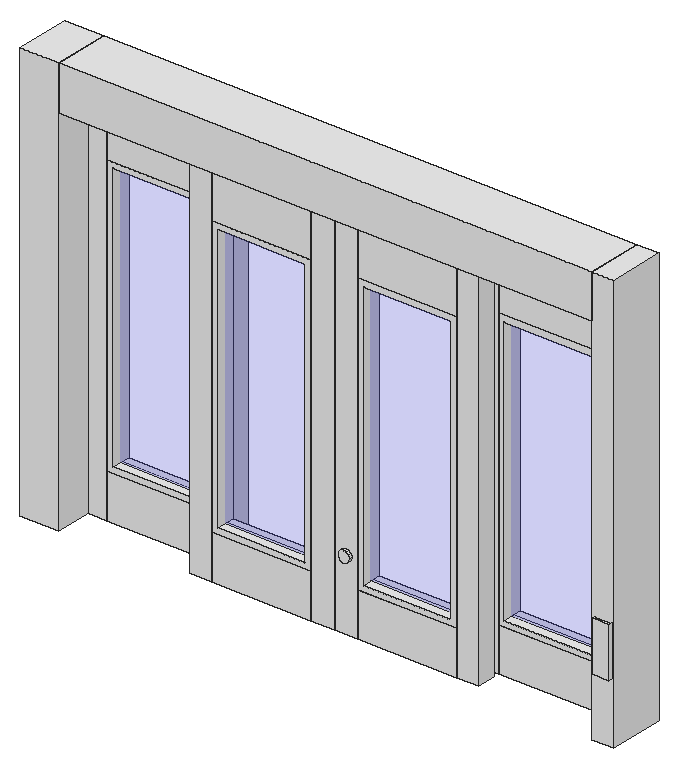
Revit family
Parameters (values of type "Custom Size")
  z Window Offset [instance] = z Wall Face Distance + Window Offset  # 58.000"
  z Wall Face Distance [instance] = 58.000"
  z Glass Width [instance] = if(Has 0.25 In. Glass, 0.250", if(Has 0.875 In. Glass, 0.875", if(Has 0.75 In. Glass, 0.750", if(Has 0.625 In. Glass, 0.625", if(Has 0.5625 In. Glass, 0.563", if(Has 0.50 In. Glass, 0.500", if(Has 1 In. Glass, 1.000", 0.250")))))))  # 0.250"
  z Glass Thickness [instance] = if(Has 0.25 In. Glass, 0.125", if(Has 0.875 In. Glass, 0.438", if(Has 0.75 In. Glass, 0.375", if(Has 0.625 In. Glass, 0.313", if(Has 0.5625 In. Glass, 0.281", if(Has 0.50 In. Glass, 0.250", if(Has 1 In. Glass, 0.500", 0.125")))))))  # 0.125"
  z Glass Stop Width [instance] = if(z Glass Width > 0.250", 1.000", 0.500")  # 0.500"
  Window Offset [instance] = 0.000"
  URL = "http://www.nabcoentrances.com"
  Show Arrows [instance] = no
  Provide Feedback = "https://www.surveymonkey.com/s/ND6LGB7"
  Product Material = Aluminum - NABCO - Clear
  Product Documentation Link = "http://www.nabcoentrances.com/uploaded_items/GT1500-02-A%20Bi-Part%20Automatic%20Conv%20Window%208-27-10.pdf"
  Part Number = "GT1500-02-A"  # constant formula
  Part Description = Description  # "Automatic slide, bi-part"
  Original Creation Date = "March 8, 2012"  # constant formula
  Model ID = "9B29FABA-747D-4EA0-8736-38FF14BED19F"  # constant formula
  Model Disclaimer = "This model represents a highly customizable product.  Contact NABCO Entrances Inc. for more information"  # constant formula
  Model = Part Number  # "GT1500-02-A"
  Manufacturer = "NABCO Entrances Inc."  # constant formula
  Is Void = yes
  Height = 37.750"
  Has 1 In. Glass [instance] = no
  Has 0.875 In. Glass [instance] = no
  Has 0.75 In. Glass [instance] = no
  Has 0.625 In. Glass [instance] = no
  Has 0.5625 In. Glass [instance] = no
  Has 0.50 In. Glass [instance] = no
  Has 0.25 In. Glass [instance] = yes
  Glass Thickness [instance] = if(if(Has 0.25 In. Glass, 1, 0) + if(Has 0.50 In. Glass, 1, 0) + if(Has 0.5625 In. Glass, 1, 0) + if(Has 0.625 In. Glass, 1, 0) + if(Has 0.75 In. Glass, 1, 0) + if(Has 0.875 In. Glass, 1, 0) + if(Has 1 In. Glass, 1, 0) > 1, "ERROR: Select Only One Glass Option", if(if(Has 0.25 In. Glass, 1, 0) + if(Has 0.50 In. Glass, 1, 0) + if(Has 0.5625 In. Glass, 1, 0) + if(Has 0.625 In. Glass, 1, 0) + if(Has 0.75 In. Glass, 1, 0) + if(Has 0.875 In. Glass, 1, 0) + if(Has 1 In. Glass, 1, 0) < 1, "ERROR: Select a Glass Option", if(Has 0.25 In. Glass, "0.25 In.", if(Has 0.875 In. Glass, "0.875 In.", if(Has 0.75 In. Glass, "0.75 In.", if(Has 0.625 In. Glass, "0.625 In.", if(Has 0.5625 In. Glass, "0.5625 In.", if(Has 0.50 In. Glass, "0.5 In.", if(Has 1 In. Glass, "1 In.", "ERROR: Select a Glass Option")))))))))  # "0.25 In."
  Family Version = "1.0.0"  # constant formula
  Equipment Number [instance] = ""
  Equipment Abbreviation = "ASW"
  Description = "Automatic slide, bi-part"
  Default Sill Height = 36.000"
  Wall Closure = (empty or 0)
  Width = 53.500"  # constant formula
  Date Last Modified = "March 9, 2012"  # constant formula
  Copyright = "Copyright © NABCO Entrances Inc."  # constant formula
Types (4): name | Height
  (no name) | 43.750"
  53.5" x 37.75" | 37.750"
  53.5 x 43.75" | 43.750"
  Custom Size | 37.750"
Reference planes (in)
  plane 1 "Center (Front/Back)": y = 0
  plane 2: z = 0
  plane 3 "Center (Left/Right)": x = 0
  plane 4 "Left": x = -26.75
  plane 5 "Right": x = 26.75
  plane 6 "Sill": z = 36
  plane 7 "Top": z = 73.75
  plane 8 "Exterior Center": y = 2.125
  plane 9 "Exterior Exterior": y = 3
  plane 10 "Exterior Interior": y = 1.25
  plane 11: y = 2.25
  plane 12: y = 2
  plane 13: x = -21.5
  plane 14: x = -21
  plane 15 "Center Left": x = -11.25
  plane 16: x = -10.25
  plane 17: x = -9.75
  plane 18: x = 23
  plane 19: x = 22.5
  plane 20 "Center Right": x = 12.75
  plane 21: x = 14.25
  plane 22: x = 13.75
  plane 23: y = -0.125
  plane 24: y = 0.75
  plane 25: y = -1
  plane 26: y = 0
  plane 27: y = -0.25
  plane 28: x = -12.75
  plane 29: x = -12.25
  plane 30: x = -1.875
  plane 31: x = -1.375
  plane 32: x = 11.75
  plane 33: x = 11.25
  plane 34: x = 3.375
  plane 35: x = 2.875
  plane 36: z = 69.75
  plane 37: x = -23.25
  plane 38: x = 24.75
  plane 39 "CENTER": x = 0.75
  plane 40: y = -2
  plane 41: z = 40
  plane 42: z = 65.125
  plane 43: z = 64.625
  plane 44: z = 40.5
  plane 45 "Window Exterior": y = 3
  plane 46 "Offset Reference": y = 61
Forms (in)
  Sweep 1, solid, material "Aluminum - NABCO - Clear" <- "Product Material"
    path origin (0, 0, 0) x (1, 0, 0) y (0, 0, 1)
      loop
        line (-23.25, 73.75) -> (24.75, 73.75)
    profile origin (0.75, 0, 73.75) x (0, 0, 1) y (0, -1, 0)
      loop
        line (0, -3) -> (0, 2) -> (-4, 2) -> (-4, -3) -> (0, -3)
  Sweep 2, solid, material "Aluminum - NABCO - Clear" <- "Product Material"
    path origin (0, 0, 0) x (1, 0, 0) y (0, 0, 1)
      loop
        line (-26.75, 36) -> (-26.75, 73.75)
    profile origin (-26.75, 0, 54.875) x (-1, 0, 0) y (0, -1, 0)
      loop
        line (0, -3) -> (0, 2) -> (-3.5, 2) -> (-3.5, -3) -> (0, -3)
  Sweep 3, solid, material "Aluminum - NABCO - Clear" <- "Product Material"
    path origin (0, 0, 0) x (1, 0, 0) y (0, 0, 1)
      loop
        line (26.75, 36) -> (26.75, 73.75)
    profile origin (26.75, 0, 54.875) x (-1, 0, 0) y (0, -1, 0)
      loop
        line (2, -3) -> (2, 2) -> (0, 2) -> (0, -3) -> (2, -3)
  Sweep 4, solid, material "Aluminum - NABCO - Clear" <- "Product Material"
    path origin (0, 0, 0) x (1, 0, 0) y (0, 0, 1)
      loop
        line (-23.25, 36) -> (-23.25, 69.75)
    profile origin (-23.25, 0, 52.875) x (-1, 0, 0) y (0, -1, 0)
      loop
        line (0, -3) -> (0, -1.25) -> (-1.75, -1.25) -> (-1.75, -3) -> (0, -3)
  Sweep 5, solid, material "Aluminum - NABCO - Clear" <- "Product Material"
    path origin (0, 0, 0) x (1, 0, 0) y (0, 0, 1)
      loop
        line (-11.25, 36) -> (-11.25, 69.75)
    profile origin (-11.25, 0, 52.875) x (-1, 0, 0) y (0, -1, 0)
      loop
        line (1, -3) -> (1, -1.25) -> (-1, -1.25) -> (-1, -3) -> (1, -3)
  Sweep 6, solid, material "Aluminum - NABCO - Clear" <- "Product Material"
    path origin (0, 0, 0) x (1, 0, 0) y (0, 0, 1)
      loop
        line (-11.25, 69.75) -> (-11.25, 36)
    profile origin (-11.25, 0, 52.875) x (0, -1, 0) y (1, 0, 0)
      loop
        line (-0.75, -1) -> (1, -1) -> (1, 1) -> (-0.75, 1) -> (-0.75, -1)
  Sweep 7, solid, material "Aluminum - NABCO - Clear" <- "Product Material"
    path origin (0, 0, 0) x (1, 0, 0) y (0, 0, 1)
      loop
        line (0.75, 36) -> (0.75, 69.75)
    profile origin (0.75, 0, 52.875) x (-1, 0, 0) y (0, -1, 0)
      loop
        line (2.125, -0.75) -> (2.125, 1) -> (0, 1) -> (0, -0.75) -> (2.125, -0.75)
  Sweep 8, solid, material "Aluminum - NABCO - Clear" <- "Product Material"
    path origin (0, 0, 0) x (1, 0, 0) y (0, 0, 1)
      loop
        line (0.75, 36) -> (0.75, 69.75)
    profile origin (0.75, 0, 52.875) x (-1, 0, 0) y (0, -1, 0)
      loop
        line (0, -0.75) -> (0, 1) -> (-2.125, 1) -> (-2.125, -0.75) -> (0, -0.75)
  Sweep 9, solid, material "Aluminum - NABCO - Clear" <- "Product Material"
    path origin (0, 0, 0) x (1, 0, 0) y (0, 0, 1)
      loop
        line (12.75, 36) -> (12.75, 69.75)
    profile origin (12.75, 0, 52.875) x (-1, 0, 0) y (0, -1, 0)
      loop
        line (1, -0.75) -> (1, 1) -> (-1, 1) -> (-1, -0.75) -> (1, -0.75)
  Sweep 10, solid, material "Aluminum - NABCO - Clear" <- "Product Material"
    path origin (0, 0, 0) x (1, 0, 0) y (0, 0, 1)
      loop
        line (12.75, 36) -> (12.75, 69.75)
    profile origin (12.75, 0, 52.875) x (-1, 0, 0) y (0, -1, 0)
      loop
        line (1, -3) -> (1, -1.25) -> (-1, -1.25) -> (-1, -3) -> (1, -3)
  Sweep 11, solid, material "Aluminum - NABCO - Clear" <- "Product Material"
    path origin (0, 0, 0) x (1, 0, 0) y (0, 0, 1)
      loop
        line (24.75, 36) -> (24.75, 69.75)
    profile origin (24.75, 0, 52.875) x (-1, 0, 0) y (0, -1, 0)
      loop
        line (1.75, -3) -> (1.75, -1.25) -> (0, -1.25) -> (0, -3) -> (1.75, -3)
  Sweep 12, solid, material "Aluminum - NABCO - Clear" <- "Product Material"
    path origin (0, 0, 0) x (1, 0, 0) y (0, 0, 1)
      loop
        line (-21.5, 36) -> (-12.25, 36)
    profile origin (-16.875, 0, 36) x (0, 0, 1) y (0, -1, 0)
      loop
        line (4, -1.25) -> (0, -1.25) -> (0, -3) -> (4, -3) -> (4, -1.25)
  Sweep 13, solid, material "Aluminum - NABCO - Clear" <- "Product Material"
    path origin (0, 0, 0) x (1, 0, 0) y (0, 0, 1)
      loop
        line (-10.25, 36) -> (-1.375, 36)
    profile origin (-5.8125, 0, 36) x (0, 0, 1) y (0, -1, 0)
      loop
        line (4, -0.75) -> (4, 1) -> (0, 1) -> (0, -0.75) -> (4, -0.75)
  Sweep 14, solid, material "Aluminum - NABCO - Clear" <- "Product Material"
    path origin (0, 0, 0) x (1, 0, 0) y (0, 0, 1)
      loop
        line (2.875, 36) -> (11.75, 36)
    profile origin (7.3125, 0, 36) x (0, 0, 1) y (0, -1, 0)
      loop
        line (4, -0.75) -> (4, 1) -> (0, 1) -> (0, -0.75) -> (4, -0.75)
  Sweep 15, solid, material "Aluminum - NABCO - Clear" <- "Product Material"
    path origin (0, 0, 0) x (1, 0, 0) y (0, 0, 1)
      loop
        line (13.75, 36) -> (23, 36)
    profile origin (18.375, 0, 36) x (0, 0, 1) y (0, -1, 0)
      loop
        line (4, -1.25) -> (0, -1.25) -> (0, -3) -> (4, -3) -> (4, -1.25)
  Sweep 16, solid, material "Aluminum - NABCO - Clear" <- "Product Material"
    path origin (0, 0, 0) x (1, 0, 0) y (0, 0, 1)
      loop
        line (-21.5, 69.75) -> (-12.25, 69.75)
    profile origin (-16.875, 0, 69.75) x (0, 0, 1) y (0, -1, 0)
      loop
        line (0, -3) -> (0, -1.25) -> (-4.625, -1.25) -> (-4.625, -3) -> (0, -3)
  Sweep 17, solid, material "Aluminum - NABCO - Clear" <- "Product Material"
    path origin (0, 0, 0) x (1, 0, 0) y (0, 0, 1)
      loop
        line (-10.25, 69.75) -> (-1.375, 69.75)
    profile origin (-5.8125, 0, 69.75) x (0, 0, 1) y (0, -1, 0)
      loop
        line (0, -0.75) -> (0, 1) -> (-4.625, 1) -> (-4.625, -0.75) -> (0, -0.75)
  Sweep 18, solid, material "Aluminum - NABCO - Clear" <- "Product Material"
    path origin (0, 0, 0) x (1, 0, 0) y (0, 0, 1)
      loop
        line (2.875, 69.75) -> (11.75, 69.75)
    profile origin (7.3125, 0, 69.75) x (0, 0, 1) y (0, -1, 0)
      loop
        line (0, -0.75) -> (0, 1) -> (-4.625, 1) -> (-4.625, -0.75) -> (0, -0.75)
  Sweep 19, solid, material "Aluminum - NABCO - Clear" <- "Product Material"
    path origin (0, 0, 0) x (1, 0, 0) y (0, 0, 1)
      loop
        line (13.75, 69.75) -> (23, 69.75)
    profile origin (18.375, 0, 69.75) x (0, 0, 1) y (0, -1, 0)
      loop
        line (0, -3) -> (0, -1.25) -> (-4.625, -1.25) -> (-4.625, -3) -> (0, -3)
  Sweep 20, solid, material "Aluminum - NABCO - Clear" <- "Product Material"
    path origin (0, 0, 0) x (1, 0, 0) y (0, 0, 1)
      loop
        line (-21, 64.625) -> (-21, 40.5) -> (-12.75, 40.5) -> (-12.75, 64.625) -> (-21, 64.625)
    profile origin (-16.875, 0, 64.625) x (0, 0, 1) y (0, -1, 0)
      loop
        line (0.5, -3) -> (0.5, -1.25) -> (0, -1.25) -> (0, -3) -> (0.5, -3)
  Sweep 21, solid, material "Aluminum - NABCO - Clear" <- "Product Material"
    path origin (0, 0, 0) x (1, 0, 0) y (0, 0, 1)
      loop
        line (-9.75, 64.625) -> (-9.75, 40.5) -> (-1.875, 40.5) -> (-1.875, 64.625) -> (-9.75, 64.625)
    profile origin (-5.8125, 0, 64.625) x (0, 0, 1) y (0, -1, 0)
      loop
        line (0.5, -0.75) -> (0.5, 1) -> (0, 1) -> (0, -0.75) -> (0.5, -0.75)
  Sweep 22, solid, material "Aluminum - NABCO - Clear" <- "Product Material"
    path origin (0, 0, 0) x (1, 0, 0) y (0, 0, 1)
      loop
        line (3.375, 64.625) -> (3.375, 40.5) -> (11.25, 40.5) -> (11.25, 64.625) -> (3.375, 64.625)
    profile origin (7.3125, 0, 64.625) x (0, 0, 1) y (0, -1, 0)
      loop
        line (0.5, -0.75) -> (0.5, 1) -> (0, 1) -> (0, -0.75) -> (0.5, -0.75)
  Sweep 23, solid, material "Aluminum - NABCO - Clear" <- "Product Material"
    path origin (0, 0, 0) x (1, 0, 0) y (0, 0, 1)
      loop
        line (14.25, 64.625) -> (14.25, 40.5) -> (22.5, 40.5) -> (22.5, 64.625) -> (14.25, 64.625)
    profile origin (18.375, 0, 64.625) x (0, 0, 1) y (0, -1, 0)
      loop
        line (0.5, -3) -> (0.5, -1.25) -> (0, -1.25) -> (0, -3) -> (0.5, -3)
  Extrusion 24, solid, material "Glass"
    sketch origin (0, 0, 0) x (1, 0, 0) y (0, 0, 1)
      loop
        line (-21, 64.625) -> (-21, 40.5) -> (-12.75, 40.5) -> (-12.75, 64.625) -> (-21, 64.625)
      loop
        line (14.25, 40.5) -> (22.5, 40.5) -> (22.5, 64.625) -> (14.25, 64.625) -> (14.25, 40.5)
    from -2.25 to -2
  Extrusion 25, solid, material "Glass"
    sketch origin (0, 0, 0) x (1, 0, 0) y (0, 0, 1)
      loop
        line (-9.75, 64.625) -> (-9.75, 40.5) -> (-1.875, 40.5) -> (-1.875, 64.625) -> (-9.75, 64.625)
      loop
        line (3.375, 64.625) -> (3.375, 40.5) -> (11.25, 40.5) -> (11.25, 64.625) -> (3.375, 64.625)
    from 0 to 0.25
  Extrusion 26, solid, material "Paint - NABCO - Blue", visible <- "Show Arrows"
    sketch origin (-61.2284, 0, 48) x (-1, 0, 0) y (0, 0, 1)
      loop
        line (-55.4159, 6.0625) -> (-58.94715, 6.0625) -> (-58.94715, 3.0625) -> (-55.4159, 3.0625) -> (-55.4159, 1.03125) -> (-51.88465, 4.5625) -> (-55.4159, 8.09375) -> (-55.4159, 6.0625)
      loop
        line (-68.5409, 6.0625) -> (-68.5409, 8.09375) -> (-72.07215, 4.5625) -> (-68.5409, 1.03125) -> (-68.5409, 3.0625) -> (-65.00965, 3.0625) -> (-65.00965, 6.0625) -> (-68.5409, 6.0625)
    from 0 to 0.063
  Extrusion 27, solid, material "Aluminum - NABCO - Clear" <- "Product Material", detail levels fine
    sketch origin (-61.2284, -2, 48) x (-1, 0, 0) y (0, 0, 1)
      loop
        line (-87.7284, -6.5) -> (-86.2284, -6.5) -> (-86.2284, -2) -> (-87.7284, -2) -> (-87.7284, -6.5)
    from 0 to -0.25
  Extrusion 28, solid, material "Aluminum - NABCO - Clear" <- "Product Material", detail levels fine
    sketch origin (-61.2284, -1, 48) x (-1, 0, 0) y (0, 0, 1)
      loop
        circle (-63.0409, -5.61418) r 0.5
    from 0 to -0.252
Lines and regions (in)
  Opening 1
    outline origin (-60, -3, 0) x (1, 0, 0) y (0, 0, 1)
      loop
        line (33.25, 73.75) -> (33.25, 36) -> (86.75, 36) -> (86.75, 73.75) -> (33.25, 73.75)
  Masking region 1
    outline origin (0, 0, 36) x (0, -1, 0) y (1, 0, 0)
      loop
        line (2, -26.75) -> (2, -23.25) -> (-1.25, -23.25) -> (-1.25, -10.25) -> (-3, -10.25) -> (-3, -26.75) -> (2, -26.75)
      loop
        line (-0.75, -12.25) -> (1, -12.25) -> (1, 13.75) -> (-0.75, 13.75) -> (-0.75, -12.25)
      loop
        line (-3, 11.75) -> (-1.25, 11.75) -> (-1.25, 24.75) -> (2, 24.75) -> (2, 26.75) -> (-3, 26.75) -> (-3, 11.75)
  Masking region 2, visible <- "Show Arrows"
    outline origin (0, 0, 0) x (1, 0, 0) y (0, 0, 1)
      loop
        line (-9.34375, 52.5625) -> (-5.8125, 49.03125) -> (-5.8125, 51.0625) -> (-2.28125, 51.0625) -> (-2.28125, 54.0625) -> (-5.8125, 54.0625) -> (-5.8125, 56.09375) -> (-9.34375, 52.5625)
      loop
        line (10.84375, 52.5625) -> (7.3125, 56.09375) -> (7.3125, 54.0625) -> (3.78125, 54.0625) -> (3.78125, 51.0625) -> (7.3125, 51.0625) -> (7.3125, 49.03125) -> (10.84375, 52.5625)
  symbolic lines, style "WindowsFrameMullionProjection", detail levels fine
    curve 1: line (-21.5, 3, 36) -> (-21.5, 1.25, 36)
    curve 2: line (-21, 3, 36) -> (-21, 1.25, 36)
    curve 3: line (-12.75, 3, 36) -> (-12.75, 1.25, 36)
    curve 4: line (-12.25, 3, 36) -> (-12.25, 1.25, 36)
    curve 5: line (-10.25, 0.75, 36) -> (-10.25, -1, 36)
    curve 6: line (-9.75, 0.75, 36) -> (-9.75, -1, 36)
    curve 7: line (-1.875, 0.75, 36) -> (-1.875, -1, 36)
    curve 8: line (-1.375, 0.75, 36) -> (-1.375, -1, 36)
    curve 10: line (2.875, 0.75, 36) -> (2.875, -1, 36)
    curve 11: line (3.375, 0.75, 36) -> (3.375, -1, 36)
    curve 12: line (11.25, 0.75, 36) -> (11.25, -1, 36)
    curve 13: line (11.75, -1, 36) -> (11.75, 0.75, 36)
    curve 14: line (13.75, 1.25, 36) -> (13.75, 3, 36)
    curve 15: line (14.25, 3, 36) -> (14.25, 1.25, 36)
    curve 16: line (22.5, 1.25, 36) -> (22.5, 3, 36)
    curve 17: line (23, 1.25, 36) -> (23, 3, 36)
  symbolic lines, style "WindowsFrameMullionProjection"
    curve 9: line (0.75, 0.75, 36) -> (0.75, -1, 36)
    curve 18: line (24.75, 1.25, 36) -> (24.75, 3, 36)
    curve 35: line (-23.25, 1.25, 0) -> (-23.25, 3, 0)
  symbolic lines, style "WindowsGlassProjection", detail levels fine
    curve 19: line (-21, 2.25, 36) -> (-12.75, 2.25, 36)
    curve 20: line (-21, 2, 36) -> (-21, 2.25, 36)
    curve 21: line (-12.75, 2, 36) -> (-21, 2, 36)
    curve 22: line (-12.75, 2.25, 36) -> (-12.75, 2, 36)
    curve 23: line (-9.75, 0, 36) -> (-1.875, 0, 36)
    curve 24: line (-9.75, -0.25, 36) -> (-9.75, 0, 36)
    curve 25: line (-1.875, -0.25, 36) -> (-9.75, -0.25, 36)
    curve 26: line (-1.875, 0, 36) -> (-1.875, -0.25, 36)
    curve 27: line (3.375, 0, 36) -> (11.25, 0, 36)
    curve 28: line (3.375, -0.25, 36) -> (3.375, 0, 36)
    curve 29: line (11.25, -0.25, 36) -> (3.375, -0.25, 36)
    curve 30: line (11.25, 0, 36) -> (11.25, -0.25, 36)
    curve 31: line (14.25, 2.25, 36) -> (22.5, 2.25, 36)
    curve 32: line (14.25, 2, 36) -> (14.25, 2.25, 36)
    curve 33: line (22.5, 2, 36) -> (14.25, 2, 36)
    curve 34: line (22.5, 2.25, 36) -> (22.5, 2, 36)
Text (in)
  text "EXTERIOR" at (-58.6888, 50.90694, 0), in view "Ref. Level"
  text "INTERIOR" at (-58.6888, -37.76638, 0), in view "Ref. Level"
  text "Exterior" at (0, 43.65631, 123.19604), in view "Left"
  text "Exterior" at (0, 18.29385, 125.04747), in view "Right"
Dimensions and locks (in)
  equal spacing: plane 4 "Left", plane 3 "Center (Left/Right)", plane 5 "Right"
  "Width": plane 4 "Left" to plane 5 "Right"
  "Height": plane 6 "Sill" to plane 7 "Top"
  "Default Sill Height": plane 2 to plane 6 "Sill"
  equal spacing: plane 37, plane 15 "Center Left", plane 39 "CENTER", plane 20 "Center Right", plane 38
  Extrusion 26 sketch curve to Extrusion 26 sketch curve to Extrusion 26 sketch curve to Extrusion 26 sketch curve to Extrusion 26 sketch curve = 2.03125", 1.500", 1.500", 2.03125"  (x2)
  Extrusion 26 sketch curve to Extrusion 26 sketch curve to Extrusion 26 sketch curve = 3.53125", 3.53125"  (x2)
  equal spacing: plane 17, Extrusion 26 sketch curve, plane 30
  equal spacing: plane 33, Extrusion 26 sketch curve, plane 34
  equal spacing: plane 43, Extrusion 26 sketch curve, plane 44
  equal spacing: Masking region 2 sketch curve, Masking region 2 sketch curve, Masking region 2 sketch curve  (x2)
  equal spacing: plane 17, Masking region 2 sketch curve, plane 30
  Masking region 2 sketch curve to Masking region 2 sketch curve to Masking region 2 sketch curve to Masking region 2 sketch curve to Masking region 2 sketch curve = 2.03125" locked, 1.500" locked, 1.500" locked, 2.03125" locked  (x2)
  equal spacing: plane 33, Masking region 2 sketch curve, plane 34
  equal spacing: plane 43, Masking region 2 sketch curve, plane 44
  plane 45 "Window Exterior" to plane 8 "Exterior Center" to plane 10 "Exterior Interior" to plane 24 to plane 23 to plane 25 to plane 40 = 0.875" locked, 0.875" locked, 0.500" locked, 0.875" locked, 0.875" locked, 1.000" locked
  "z Glass Thickness": plane 11 to plane 8 "Exterior Center"
  "z Glass Thickness": plane 8 "Exterior Center" to plane 12
  "z Glass Thickness": plane 26 to plane 23
  "z Glass Thickness": plane 23 to plane 27
  "z Glass Stop Width": plane 13 to plane 14
  "z Glass Stop Width": plane 28 to plane 29
  "z Glass Stop Width": plane 16 to plane 17
  "z Glass Stop Width": plane 30 to plane 31
  "z Glass Stop Width": plane 35 to plane 34
  "z Glass Stop Width": plane 33 to plane 32
  "z Glass Stop Width": plane 22 to plane 21
  "z Glass Stop Width": plane 19 to plane 18
  plane 29 to plane 15 "Center Left" to plane 16 = 1.000" locked, 1.000" locked
  plane 31 to plane 39 "CENTER" to plane 35 = 2.125" locked, 2.125" locked
  plane 32 to plane 20 "Center Right" to plane 22 = 1.000" locked, 1.000" locked
  plane 18 to plane 38 to plane 5 "Right" = 1.750" locked, 2.000" locked
  "z Glass Stop Width": plane 43 to plane 42
  "z Glass Stop Width": plane 41 to plane 44
  plane 7 "Top" to plane 36 to plane 42 = 4.000" locked, 4.625" locked
  locked: plane 41 to plane 6 "Sill" at 4
  "z Wall Face Distance": plane 46 "Offset Reference" to host wall
  "z Window Offset": plane 46 "Offset Reference" to plane 45 "Window Exterior"
  aligned and locked: plane 7 "Top" to Opening 1 sketch curve
  aligned and locked: plane 6 "Sill" to Opening 1 sketch curve  (x2)
  aligned and locked: plane 5 "Right" to Opening 1 sketch curve
  aligned and locked: plane 4 "Left" to Opening 1 sketch curve
  aligned and locked: level to plane 2
  aligned and locked: plane 9 "Exterior Exterior" to host wall
  aligned and locked: plane 38 to Sweep 1 sketch curve
  aligned and locked: plane 37 to Sweep 1 sketch curve
  aligned and locked: plane 7 "Top" to Sweep 1 sketch curve  (x2)
  aligned and locked: plane 40 to Sweep 1 sketch curve
  aligned and locked: plane 36 to Sweep 1 sketch curve
  aligned and locked: plane 7 "Top" to Sweep 2 sketch curve
  aligned and locked: plane 6 "Sill" to Sweep 2 sketch curve
  aligned and locked: Sweep 2 sketch curve to plane 4 "Left"  (x2)
  aligned and locked: plane 37 to Sweep 2 sketch curve
  aligned and locked: plane 40 to Sweep 2 sketch curve
  aligned and locked: plane 7 "Top" to Sweep 3 sketch curve
  aligned and locked: plane 6 "Sill" to Sweep 3 sketch curve
  aligned and locked: Sweep 3 sketch curve to plane 5 "Right"
  aligned and locked: plane 40 to Sweep 3 sketch curve
  aligned and locked: Sweep 3 sketch curve to plane 38
  aligned and locked: plane 5 "Right" to Sweep 3 sketch curve
  aligned and locked: plane 6 "Sill" to Sweep 4 sketch curve
  aligned and locked: plane 36 to Sweep 4 sketch curve
  aligned and locked: Sweep 4 sketch curve to plane 37  (x2)
  aligned and locked: plane 10 "Exterior Interior" to Sweep 4 sketch curve
  aligned and locked: plane 13 to Sweep 4 sketch curve
  aligned and locked: plane 6 "Sill" to Sweep 5 sketch curve
  aligned and locked: Sweep 5 sketch curve to plane 15 "Center Left"
  aligned and locked: Sweep 5 sketch curve to plane 29
  aligned and locked: plane 16 to Sweep 5 sketch curve
  aligned and locked: plane 10 "Exterior Interior" to Sweep 5 sketch curve
  aligned and locked: plane 36 to Sweep 5 sketch curve
  aligned and locked: plane 6 "Sill" to Sweep 6 sketch curve
  aligned and locked: plane 36 to Sweep 6 sketch curve
  aligned and locked: plane 15 "Center Left" to Sweep 6 sketch curve
  aligned and locked: plane 16 to Sweep 6 sketch curve
  aligned and locked: Sweep 6 sketch curve to plane 29
  aligned and locked: plane 25 to Sweep 6 sketch curve
  aligned and locked: Sweep 6 sketch curve to plane 24
  aligned and locked: plane 36 to Sweep 7 sketch curve
  aligned and locked: plane 6 "Sill" to Sweep 7 sketch curve
  aligned and locked: Sweep 7 sketch curve to plane 39 "CENTER"
  aligned and locked: Sweep 7 sketch curve to plane 31
  aligned and locked: Sweep 7 sketch curve to plane 24
  aligned and locked: plane 39 "CENTER" to Sweep 7 sketch curve
  aligned and locked: plane 25 to Sweep 7 sketch curve
  aligned and locked: plane 6 "Sill" to Sweep 8 sketch curve
  aligned and locked: plane 36 to Sweep 8 sketch curve
  aligned and locked: Sweep 8 sketch curve to plane 39 "CENTER"  (x2)
  aligned and locked: Sweep 8 sketch curve to plane 35
  aligned and locked: plane 25 to Sweep 8 sketch curve
  aligned and locked: Sweep 8 sketch curve to plane 24
  aligned and locked: plane 36 to Sweep 9 sketch curve
  aligned and locked: plane 6 "Sill" to Sweep 9 sketch curve
  aligned and locked: plane 20 "Center Right" to Sweep 9 sketch curve
  aligned and locked: plane 32 to Sweep 9 sketch curve
  aligned and locked: plane 25 to Sweep 9 sketch curve
  aligned and locked: Sweep 9 sketch curve to plane 22
  aligned and locked: Sweep 9 sketch curve to plane 24
  aligned and locked: plane 36 to Sweep 10 sketch curve
  aligned and locked: plane 6 "Sill" to Sweep 10 sketch curve
  aligned and locked: plane 20 "Center Right" to Sweep 10 sketch curve
  aligned and locked: plane 10 "Exterior Interior" to Sweep 10 sketch curve
  aligned and locked: Sweep 10 sketch curve to plane 22
  aligned and locked: plane 32 to Sweep 10 sketch curve
  aligned and locked: plane 36 to Sweep 11 sketch curve
  aligned and locked: plane 6 "Sill" to Sweep 11 sketch curve
  aligned and locked: Sweep 11 sketch curve to plane 38
  aligned and locked: plane 38 to Sweep 11 sketch curve
  aligned and locked: plane 18 to Sweep 11 sketch curve
  aligned and locked: plane 10 "Exterior Interior" to Sweep 11 sketch curve
  aligned and locked: plane 13 to Sweep 12 sketch curve
  aligned and locked: plane 29 to Sweep 12 sketch curve
  aligned and locked: plane 6 "Sill" to Sweep 12 sketch curve
  aligned and locked: plane 10 "Exterior Interior" to Sweep 12 sketch curve
  aligned and locked: Sweep 12 sketch curve to plane 6 "Sill"
  aligned and locked: Sweep 12 sketch curve to plane 41
  aligned and locked: plane 16 to Sweep 13 sketch curve
  aligned and locked: plane 31 to Sweep 13 sketch curve
  aligned and locked: plane 6 "Sill" to Sweep 13 sketch curve
  aligned and locked: Sweep 13 sketch curve to plane 24
  aligned and locked: Sweep 13 sketch curve to plane 41
  aligned and locked: plane 25 to Sweep 13 sketch curve
  aligned and locked: Sweep 13 sketch curve to plane 6 "Sill"
  aligned and locked: plane 35 to Sweep 14 sketch curve
  aligned and locked: plane 32 to Sweep 14 sketch curve
  aligned and locked: plane 6 "Sill" to Sweep 14 sketch curve
  aligned and locked: plane 25 to Sweep 14 sketch curve
  aligned and locked: Sweep 14 sketch curve to plane 24
  aligned and locked: Sweep 14 sketch curve to plane 6 "Sill"
  aligned and locked: Sweep 14 sketch curve to plane 41
  aligned and locked: plane 22 to Sweep 15 sketch curve
  aligned and locked: plane 18 to Sweep 15 sketch curve
  aligned and locked: plane 6 "Sill" to Sweep 15 sketch curve
  aligned and locked: Sweep 15 sketch curve to plane 6 "Sill"
  aligned and locked: Sweep 15 sketch curve to plane 41
  aligned and locked: plane 10 "Exterior Interior" to Sweep 15 sketch curve
  aligned and locked: plane 13 to Sweep 16 sketch curve
  aligned and locked: plane 29 to Sweep 16 sketch curve
  aligned and locked: Sweep 16 sketch curve to plane 36  (x2)
  aligned and locked: plane 42 to Sweep 16 sketch curve
  aligned and locked: plane 16 to Sweep 17 sketch curve
  aligned and locked: plane 31 to Sweep 17 sketch curve
  aligned and locked: plane 42 to Sweep 17 sketch curve
  aligned and locked: Sweep 17 sketch curve to plane 36  (x2)
  aligned and locked: plane 35 to Sweep 18 sketch curve
  aligned and locked: plane 32 to Sweep 18 sketch curve
  aligned and locked: Sweep 18 sketch curve to plane 24
  aligned and locked: plane 25 to Sweep 18 sketch curve
  aligned and locked: Sweep 18 sketch curve to plane 36  (x2)
  aligned and locked: plane 42 to Sweep 18 sketch curve
  aligned and locked: plane 22 to Sweep 19 sketch curve
  aligned and locked: plane 18 to Sweep 19 sketch curve
  aligned and locked: Sweep 19 sketch curve to plane 36  (x2)
  aligned and locked: plane 10 "Exterior Interior" to Sweep 19 sketch curve
  aligned and locked: plane 42 to Sweep 19 sketch curve
  aligned and locked: Sweep 17 sketch curve to plane 25
  aligned and locked: plane 24 to Sweep 17 sketch curve
  aligned and locked: Sweep 16 sketch curve to plane 10 "Exterior Interior"
  aligned and locked: Sweep 20 sketch curve to plane 43
  aligned and locked: Sweep 20 sketch curve to plane 14
  aligned and locked: plane 44 to Sweep 20 sketch curve
  aligned and locked: plane 28 to Sweep 20 sketch curve
  aligned and locked: plane 43 to Sweep 20 sketch curve
  aligned and locked: Sweep 20 sketch curve to plane 42
  aligned and locked: Sweep 20 sketch curve to plane 10 "Exterior Interior"
  aligned and locked: Sweep 21 sketch curve to plane 43
  aligned and locked: Sweep 21 sketch curve to plane 17
  aligned and locked: plane 44 to Sweep 21 sketch curve
  aligned and locked: plane 30 to Sweep 21 sketch curve
  aligned and locked: Sweep 21 sketch curve to plane 42
  aligned and locked: plane 43 to Sweep 21 sketch curve
  aligned and locked: plane 25 to Sweep 21 sketch curve
  aligned and locked: Sweep 21 sketch curve to plane 24
  aligned and locked: Sweep 22 sketch curve to plane 43
  aligned and locked: plane 34 to Sweep 22 sketch curve
  aligned and locked: plane 44 to Sweep 22 sketch curve
  aligned and locked: Sweep 22 sketch curve to plane 33
  aligned and locked: Sweep 22 sketch curve to plane 42
  aligned and locked: plane 43 to Sweep 22 sketch curve
  aligned and locked: plane 25 to Sweep 22 sketch curve
  aligned and locked: Sweep 22 sketch curve to plane 24
  aligned and locked: plane 44 to Sweep 23 sketch curve
  aligned and locked: Sweep 23 sketch curve to plane 19
  aligned and locked: plane 21 to Sweep 23 sketch curve
  aligned and locked: Sweep 23 sketch curve to plane 43
  aligned and locked: plane 43 to Sweep 23 sketch curve
  aligned and locked: Sweep 23 sketch curve to plane 42
  aligned and locked: plane 10 "Exterior Interior" to Sweep 23 sketch curve
  aligned and locked: Extrusion 24 sketch curve to plane 43
  aligned and locked: Extrusion 24 sketch curve to plane 14
  aligned and locked: plane 44 to Extrusion 24 sketch curve
  aligned and locked: plane 28 to Extrusion 24 sketch curve
  aligned and locked: Extrusion 24 sketch curve to plane 44
  aligned and locked: Extrusion 24 sketch curve to plane 21
  aligned and locked: plane 43 to Extrusion 24 sketch curve
  aligned and locked: plane 19 to Extrusion 24 sketch curve
  aligned and locked: plane 11 to Extrusion 24
  aligned and locked: Extrusion 24 to plane 12
  aligned and locked: Extrusion 25 sketch curve to plane 43  (x2)
  aligned and locked: Extrusion 25 sketch curve to plane 17
  aligned and locked: plane 44 to Extrusion 25 sketch curve  (x2)
  aligned and locked: plane 30 to Extrusion 25 sketch curve
  aligned and locked: plane 34 to Extrusion 25 sketch curve
  aligned and locked: Extrusion 25 sketch curve to plane 33
  aligned and locked: plane 26 to Extrusion 25
  aligned and locked: Extrusion 25 to plane 27
  aligned and locked: Masking region 1 sketch curve to plane 4 "Left"
  aligned and locked: plane 40 to Masking region 1 sketch curve  (x2)
  aligned and locked: plane 37 to Masking region 1 sketch curve
  aligned and locked: plane 10 "Exterior Interior" to Masking region 1 sketch curve  (x2)
  aligned and locked: plane 16 to Masking region 1 sketch curve
  aligned and locked: plane 5 "Right" to Masking region 1 sketch curve
  aligned and locked: Masking region 1 sketch curve to plane 38
  aligned and locked: plane 32 to Masking region 1 sketch curve
  aligned and locked: Masking region 1 sketch curve to plane 22
  aligned and locked: Masking region 1 sketch curve to plane 24
  aligned and locked: plane 25 to Masking region 1 sketch curve
  aligned and locked: Masking region 1 sketch curve to plane 29
  aligned and locked: plane 10 "Exterior Interior" to curve 1
  aligned and locked: plane 10 "Exterior Interior" to curve 2
  aligned and locked: plane 10 "Exterior Interior" to curve 3
  aligned and locked: plane 10 "Exterior Interior" to curve 14
  aligned and locked: plane 10 "Exterior Interior" to curve 15
  aligned and locked: plane 10 "Exterior Interior" to curve 16
  aligned and locked: plane 10 "Exterior Interior" to curve 17
  aligned and locked: plane 10 "Exterior Interior" to curve 18
  aligned and locked: plane 24 to curve 6
  aligned and locked: plane 24 to curve 7
  aligned and locked: plane 24 to curve 8
  aligned and locked: plane 24 to curve 9
  aligned and locked: plane 24 to curve 10
  aligned and locked: plane 24 to curve 11
  aligned and locked: plane 24 to curve 12
  aligned and locked: plane 24 to curve 13
  aligned and locked: plane 25 to curve 5
  aligned and locked: plane 25 to curve 6
  aligned and locked: plane 25 to curve 7
  aligned and locked: plane 25 to curve 8
  aligned and locked: plane 25 to curve 9
  aligned and locked: plane 25 to curve 10
  aligned and locked: plane 25 to curve 11
  aligned and locked: plane 25 to curve 12
  aligned and locked: plane 25 to curve 13
  aligned and locked: plane 13 to curve 1
  aligned and locked: plane 14 to curve 2
  aligned and locked: plane 28 to curve 3
  aligned and locked: plane 29 to curve 4
  aligned and locked: plane 17 to curve 6
  aligned and locked: plane 16 to curve 5
  aligned and locked: plane 30 to curve 7
  aligned and locked: plane 31 to curve 8
  aligned and locked: plane 39 "CENTER" to curve 9
  aligned and locked: curve 10 to plane 35
  aligned and locked: curve 11 to plane 34
  aligned and locked: curve 12 to plane 33
  aligned and locked: plane 32 to curve 13
  aligned and locked: plane 22 to curve 14
  aligned and locked: curve 15 to plane 21
  aligned and locked: plane 19 to curve 16
  aligned and locked: plane 18 to curve 17
  aligned and locked: curve 18 to plane 38
  aligned and locked: curve 20 to plane 14
  aligned and locked: plane 28 to curve 22
  aligned and locked: curve 24 to plane 17
  aligned and locked: plane 30 to curve 26
  aligned and locked: plane 34 to curve 28
  aligned and locked: curve 30 to plane 33
  aligned and locked: plane 21 to curve 32
  aligned and locked: curve 34 to plane 19
  aligned and locked: plane 12 to curve 21
  aligned and locked: curve 19 to plane 11
  aligned and locked: plane 27 to curve 25
  aligned and locked: curve 23 to plane 26
  aligned and locked: plane 27 to curve 29
  aligned and locked: curve 27 to plane 26
  aligned and locked: plane 12 to curve 33
  aligned and locked: curve 31 to plane 11
  aligned and locked: Extrusion 26 sketch curve to Extrusion 26 sketch curve  (x2)
  aligned and locked: Masking region 1 sketch curve to plane 45 "Window Exterior"  (x2)
  aligned and locked: Sweep 2 sketch curve to plane 45 "Window Exterior"
  aligned and locked: Sweep 20 sketch curve to plane 45 "Window Exterior"
  aligned and locked: plane 45 "Window Exterior" to Sweep 12 sketch curve
  aligned and locked: Sweep 4 sketch curve to plane 45 "Window Exterior"
  aligned and locked: Sweep 5 sketch curve to plane 45 "Window Exterior"
  aligned and locked: Sweep 16 sketch curve to plane 45 "Window Exterior"
  aligned and locked: Sweep 1 sketch curve to plane 45 "Window Exterior"
  aligned and locked: Sweep 10 sketch curve to plane 45 "Window Exterior"
  aligned and locked: Sweep 11 sketch curve to plane 45 "Window Exterior"
  aligned and locked: Sweep 3 sketch curve to plane 45 "Window Exterior"
  aligned and locked: Sweep 23 sketch curve to plane 45 "Window Exterior"
  aligned and locked: plane 45 "Window Exterior" to Sweep 15 sketch curve
  aligned and locked: Sweep 19 sketch curve to plane 45 "Window Exterior"
  aligned and locked: plane 45 "Window Exterior" to curve 35
  aligned and locked: plane 45 "Window Exterior" to curve 1
  aligned and locked: plane 45 "Window Exterior" to curve 2
  aligned and locked: plane 45 "Window Exterior" to curve 3
  aligned and locked: plane 45 "Window Exterior" to curve 4
  aligned and locked: plane 45 "Window Exterior" to curve 14
  aligned and locked: plane 45 "Window Exterior" to curve 15
  aligned and locked: plane 45 "Window Exterior" to curve 16
  aligned and locked: plane 45 "Window Exterior" to curve 17
  aligned and locked: plane 45 "Window Exterior" to curve 18
Automatic sketch dimensions
  Extrusion 26 sketch curve to Extrusion 26 sketch curve = 2.03125"
  Masking region 2 sketch curve to plane 17 = 0.40625"
  plane 34 to Masking region 2 sketch curve = 0.40625"
  Masking region 2 sketch curve to Masking region 2 sketch curve = 2.03125"
  curve 35 to plane 37 = 0.000"
  curve 35 to plane 10 "Exterior Interior" = 0.000"
  curve 4 to plane 10 "Exterior Interior" = 0.000"
  curve 5 to plane 24 = 0.000"
  plane 5 "Right" to Extrusion 27 sketch curve = 0.250"
  Extrusion 27 sketch curve to plane 38 = 0.250"
  Extrusion 27 sketch curve to Extrusion 27 sketch curve = 4.500"
  plane 44 to Extrusion 27 sketch curve = 1.000"
  Extrusion 28 sketch curve to plane 35 = 1.0625"
  plane 44 to Extrusion 28 sketch curve = 1.88582"
  radius of Extrusion 28 sketch curve = 0.500"
